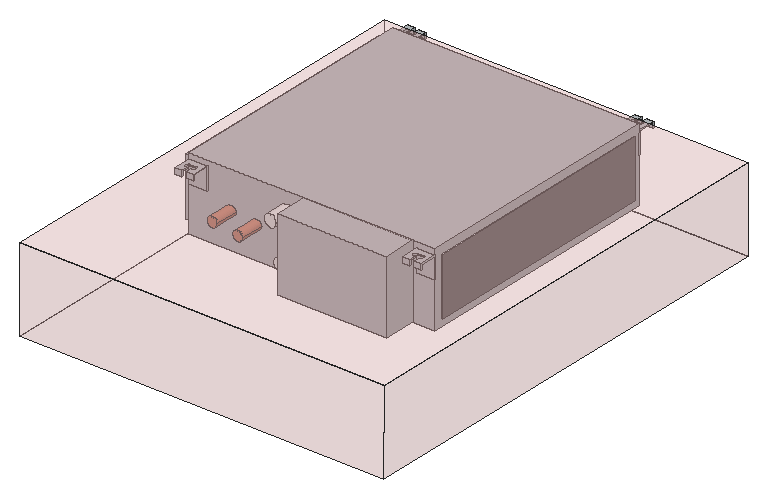
Revit family "PEFY-WP15VMS1-E_Service_Area3", category Mechanical Equipment, host Ceiling, Revit 2012
Parameters (values of type "PEFY-WP15VMS1-E_240V_60Hz")
  Description = "Ceiling concealed"
  Manufacturer = "Mitsubishi Electric Corporation"
  Model = "PEFY-WP15VMS1-E"
  Width = 790 mm
  Water Pipe_radius (To HBC Unit) = 13.2 mm
  Water Pipe_radius (From HBC Unit) = 13.2 mm
  WarrantyStart = ""
  Voltage = 240 V
  Unit Weight (kg) = 19
  URL = "http://www.mitsubishielectric.com/"
  TagNumber = 0
  Subcategory = "HVAC"
  Space View = yes
  Sound Pressure Level_Mid (dB(A)) = 24
  Sound Pressure Level_Low (dB(A)) = 22
  Sound Pressure Level_High (dB(A)) = 28
  SerialNumber = 0
  ReplacementYear = ""
  Protection Device = "Fuse"
  Phase = 1
  Maximum Circuit Ampacity (A) = 0.63
  InstallationDate = ""
  Hertz = 60 Hz
  Height = 200 mm
  Heating Power Input (kW) = 0.03
  Heating Current (A) = 0.33
  Heating Capacity (kW) = 1.9
  Fan_Type = "Sirocco fan"
  Fan_Quantity = 2
  Fan Motor Output (kW) = 0.096
  External_static_pressure (Pa) = "5-15-35-50"
  External Finish = "Galvanized steel plate"
  Equip_description = ""
  Equip_No. = 0
  Equip_ID = ""
  Drain pipe2_radius = 16 mm
  Drain pipe1_radius = 16 mm
  Description = ""
  Depth = 700 mm
  CreatedOn = ""
  CreatedBy = ""
  Cooling Power Input (kW) = 0.05
  Cooling Current (A) = 0.44
  Cooling Capacity (kW) = 1.7
  Category = ""
  Barcode = ""
  AssetIdentifier = ""
  Airflow Rate_Mid (m3/min) = 6
  Airflow Rate_Mid (m3/h) = 360
  Airflow Rate_Low (m3/min) = 5
  Airflow Rate_Low (m3/h) = 300
  Airflow Rate_High (m3/min) = 7
  Airflow Rate_High (m3/h) = 420
Types (6, lengths in mm): name | Voltage | Hertz
  PEFY-WP15VMS1-E_220V_50Hz | 220 V | 50 Hz
  PEFY-WP15VMS1-E_220V_60Hz | 220 V | 60 Hz
  PEFY-WP15VMS1-E_230V_50Hz | 230 V | 50 Hz
  PEFY-WP15VMS1-E_230V_60Hz | 230 V | 60 Hz
  PEFY-WP15VMS1-E_240V_50Hz | 240 V | 50 Hz
  PEFY-WP15VMS1-E_240V_60Hz | 240 V | 60 Hz
Reference planes
  plane 1 "Center (Front/Back)": y = 0
  plane 2: z = 0
  plane 3 "Center (Left/Right)": x = 0
  plane 4 "Ceiling": z = 4030
  plane 5: z = 4050
  plane 6: z = 4250
  plane 7: y = -875
  plane 8: y = -350
  plane 9: y = 350
  plane 10: y = 350
  plane 11: z = 4235
  plane 12: x = 325
  plane 13: x = 350
  plane 14: x = -300
  plane 15: x = -350
  plane 16: z = 4230
  plane 17: x = -57
  plane 18: z = 4202
  plane 19: z = 4080
  plane 20: x = -211
  plane 21: x = -141
  plane 22: z = 4148
  plane 23: z = 4138
  plane 24: y = -440
  plane 25: x = 350
Forms (mm)
  Extrusion 1, solid, material "Plated steel"
    sketch origin (88.259, -337.375, 3750) x (1, 0, 0) y (0, 1, 0)
      loop
        line (-415.259, 687.375) -> (-415.259, -12.625) -> (261.741, -12.625) -> (261.741, 687.375) -> (-415.259, 687.375)
    from 300 to 500
  Extrusion 2, solid, material "Service space", visible <- "Space View"
    sketch origin (-2000, 6000, 4050) x (0, 1, 0) y (1, 0, 0)
      loop
        line (-6900, 1650) -> (-5650, 1650) -> (-5650, 2650) -> (-6900, 2650) -> (-6900, 1650)
    from 20 to -210
  Extrusion 3, solid
    sketch origin (0, 0, 0) x (0, 1, 0) y (0, 0, 1)
      loop
        line (-330, 4230) -> (-330, 4071) -> (330, 4071) -> (330, 4230) -> (-330, 4230)
    from 350 to 355
  Extrusion 4, solid
    sketch origin (-350, 0, 4250) x (0, 0, 1) y (0, -1, 0)
      loop
        line (-20, 330) -> (-179, 330) -> (-179, -330) -> (-20, -330) -> (-20, 330)
    from 0 to 23
  Extrusion 5, solid
    sketch origin (794.259, -350, 3750) x (-1, 0, 0) y (0, 0, -1)
      loop
        circle (851.259, -452) r 16
    from 0 to 57
  Extrusion 6, solid
    sketch origin (794.259, -350, 3750) x (-1, 0, 0) y (0, 0, -1)
      loop
        circle (851.259, -330) r 16
    from 0 to 25
  Extrusion 7, solid
    sketch origin (794.259, -350, 3750) x (-1, 0, 0) y (0, 0, -1)
      loop
        line (505.751, -500) -> (805.751, -500) -> (805.751, -300) -> (505.751, -300) -> (505.751, -500)
    from 0 to 90
  Extrusion 8, solid
    sketch origin (794.259, -350, 3750) x (-1, 0, 0) y (0, 0, -1)
      loop
        circle (1005.259, -398) r 13.2
      loop
        circle (935.259, -388) r 13.2
    from 0 to 64
Lines and regions (mm)
  model lines, visible <- "Space View"
    curve 1: line (-400, 400, 4030) -> (377, 400, 4030)
    curve 2: line (-400, -900, 4030) -> (-400, 400, 4030)
    curve 3: line (377, -900, 4030) -> (-400, -900, 4030)
    curve 4: line (377, 400, 4030) -> (377, -900, 4030)
Dimensions and locks
  equal spacing: host sketch curve, plane 3 "Center (Left/Right)", host sketch curve
  equal spacing: host sketch curve, plane 1 "Center (Front/Back)", host sketch curve
  host sketch curve to host sketch curve = 4000 mm  (x2)
  locked: plane 4 "Ceiling" to host ceiling at 0
  Extrusion 1 to Extrusion 1 = 700 mm
  Extrusion 1 to plane 1 "Center (Front/Back)" = 350 mm
  plane 5 to Extrusion 1 = 200 mm
  plane 6 to plane 5 = 200 mm
  Extrusion 1 to plane 7 = 525 mm
  plane 4 "Ceiling" to plane 5 = 20 mm
  Extrusion 1 to Extrusion 1 = 677 mm
  plane 8 to plane 10 = 700 mm
  locked: plane 11 to plane 6 at 15
  locked: plane 16 to plane 6 at 20
  locked: Extrusion 3 to plane 16 at 159
  locked: Extrusion 4 to plane 16 at 159
  plane 6 to plane 18 to plane 19 = 48 mm locked, 122 mm locked
  locked: Extrusion 7 to Extrusion 7 at 200
  plane 6 to plane 22 to plane 23 = 102 mm locked, 10 mm locked
  plane 15 to curve 4 = 727 mm
  aligned and locked: plane 5 to Extrusion 1
  aligned and locked: Extrusion 1 to plane 6
  aligned and locked: plane 8 to Extrusion 1
  aligned and locked: plane 10 to Extrusion 1
  aligned and locked: nested 1 to Extrusion 1
  aligned and locked: nested 1 to plane 14
  aligned and locked: nested 1 to plane 11
  aligned and locked: nested 2 to plane 11
  aligned and locked: plane 11 to nested 4
  aligned and locked: plane 11 to nested 3
  aligned and locked: nested 4 to plane 10
  aligned and locked: nested 3 to plane 10
  aligned and locked: Extrusion 3 to plane 16
  aligned and locked: Extrusion 4 to plane 16
  aligned and locked: plane 8 to nested 2
  aligned and locked: plane 18 to Extrusion 5
  aligned and locked: plane 19 to Extrusion 6
  aligned and locked: Extrusion 7 to plane 6
  aligned and locked: plane 22 to Extrusion 8
  aligned and locked: plane 23 to Extrusion 8
Nested families
  nested 1: "LEG" at (-300, -376, 4235), type "LEG_28"
  nested 2: "LEG" at (325, -376, 4235), type "LEG_28"
  nested 3: "LEG" at (-300, 376, 4235), type "LEG_28"
  nested 4: "LEG" at (325, 376, 4235), type "LEG_28"
Connectors
  piping at (-57, -407, 4202), driven by "Drain pipe1_radius"
    settings: on Extrusion 5, index 1, connector radius 16 mm, flow factor 0, pipe flow 0.0 L/s, pressure drop 0.0 Pa, fitting loss kfactor 0, connector angle 0.00°, fixture units 0, engagement length 0 mm, flow configuration 0, flow direction 2, fitting loss method 0, system type 22, joint type 0, gender type 0, connector reference index -1, connector utility 0, adjustable connector no, is connector primary yes, fitting loss table "", connector description "Drain hose"
  piping at (-57, -375, 4080), driven by "Drain pipe2_radius"
    settings: on Extrusion 6, index 2, connector radius 16 mm, flow factor 0, pipe flow 0.0 L/s, pressure drop 0.0 Pa, fitting loss kfactor 0, connector angle 0.00°, fixture units 0, engagement length 0 mm, flow configuration 0, flow direction 2, fitting loss method 0, system type 22, joint type 0, gender type 0, connector reference index -1, connector utility 0, adjustable connector no, is connector primary no, fitting loss table "", connector description "Drain hose"
  piping at (-141, -414, 4138)
    settings: on Extrusion 8, index 3, connector radius 13.2 mm, flow factor 0, pipe flow 0.0 L/s, pressure drop 0.0 Pa, fitting loss kfactor 0, connector angle 0.00°, fixture units 0, engagement length 0 mm, flow configuration 0, flow direction 1, fitting loss method 0, system type 22, joint type 0, gender type 0, connector reference index -1, connector utility 0, adjustable connector no, is connector primary no, fitting loss table "", connector description "Water pipe(From HBC unit)"
  piping at (-211, -414, 4148)
    settings: on Extrusion 8, index 4, connector radius 13.2 mm, flow factor 0, pipe flow 0.0 L/s, pressure drop 0.0 Pa, fitting loss kfactor 0, connector angle 0.00°, fixture units 0, engagement length 0 mm, flow configuration 0, flow direction 2, fitting loss method 0, system type 22, joint type 0, gender type 0, connector reference index -1, connector utility 0, adjustable connector no, is connector primary no, fitting loss table "", connector description "Water pipe(To HBC unit)"
  hvac at (355, 0, 4150.5)
    settings: on Extrusion 3, index 5, duct flow 0.0 L/s, flow factor 0, pres drop 0.0 Pa, loss coef 0, conn angle 0.00°, conn width 660 mm, conn height 160 mm, conn radius 304.8 mm, duct sys type 1, conn prof type 1, flow config 0, flow direction 1, loss method 0, conn ref index -1, conn util no, is conn primary yes, conn desc "Air inlet"
  hvac at (-350, 0, 4150.5)
    settings: on Extrusion 4, index 6, duct flow 0.0 L/s, flow factor 0, pres drop 0.0 Pa, loss coef 0, conn angle 0.00°, conn width 660 mm, conn height 150 mm, conn radius 304.8 mm, duct sys type 3, conn prof type 1, flow config 0, flow direction 2, loss method 0, conn ref index -1, conn util no, is conn primary no, conn desc "Air outlet"
  electrical at (288.508, -395, 4150), driven by "Voltage", driven by "Phase"
    settings: on Extrusion 7, index 7, voltage 240 V, apparent load 0 VA, apparent load phase1 0 VA, apparent load phase2 0 VA, apparent load phase3 0 VA, power factor 1, load classification "Other", number of poles 1, system type 30, power factor state 1, is connector primary yes, connector utility no, sub classification motor no, connector description ""
Definition of nested family "LEG"
  Parameters (values of type "LEG_28")
    product distance = 28 mm
  Reference planes
    plane 1 "中心(正面/背面)": y = 0
    plane 2: z = 0
    plane 3 "中心(左/右)": x = 0
    plane 4: x = -25
    plane 5: x = 25
    plane 6: y = -23
    plane 7: y = 28
    plane 8: x = -8
    plane 9: x = 8
    plane 10: x = -6
    plane 11: x = 6
  Forms (mm)
    Extrusion 1, solid, material "Plated steel"
      sketch origin (0, 0, 0) x (1, 0, 0) y (0, 1, 0)
        loop
          line (-25, 26) -> (-25, -23) -> (25, -23) -> (25, 26) -> (-25, 26)
      from 0 to -60
    Extrusion 2, void
      sketch origin (0, 0, 0) x (0, 1, 0) y (0, 0, 1)
        loop
          line (-20.7, -2.3) -> (-20.7, -15) -> (-23, -15) -> (-23, -60) -> (24, -60) -> (24, -2.3) -> (-20.7, -2.3)
      from -25 to 25
    Extrusion 3, void
      sketch origin (0, 0, 0) x (1, 0, 0) y (0, 1, 0)
        loop
          arc (-8, 7) -> (-15, 0) -> (-8, -7) r 7
          line (-8, -7) -> (-6, -7) -> (-6, -23) -> (6, -23) -> (6, -7) -> (8, -7)
          arc (8, -7) -> (15, 0) -> (8, 7) r 7
          line (8, 7) -> (-8, 7)
      from 0 to -60
  Cuts and joins
    Extrusion 2, Extrusion 3 cuts Extrusion 1
  Dimensions and locks
    locked: Extrusion 1 sketch curve to Extrusion 1 sketch curve at 50
    equal spacing: Extrusion 1 sketch curve, plane 3 "中心(左/右)", Extrusion 1 sketch curve
    locked: plane 6 to plane 1 "中心(正面/背面)" at 23
    "product distance": plane 1 "中心(正面/背面)" to plane 7
    plane 7 to Extrusion 2 sketch curve = 4 mm
    locked: cut or joined group of Extrusion 1, Extrusion 2, Extrusion 3 to cut or joined group of Extrusion 1, Extrusion 2, Extrusion 3 at 2.3  (x2)
    aligned and locked: level to plane 2
    aligned and locked: Extrusion 2 to Extrusion 1
    aligned and locked: Extrusion 1 to Extrusion 2
    aligned and locked: Extrusion 2 sketch curve to cut or joined group of Extrusion 1, Extrusion 2, Extrusion 3  (x2)
    aligned and locked: cut or joined group of Extrusion 1, Extrusion 2, Extrusion 3 to Extrusion 3 sketch curve
    aligned and locked: plane 6 to Extrusion 1 sketch curve
  Automatic sketch dimensions
    Extrusion 2 sketch curve to plane 6 = 2.3 mm
    Extrusion 2 sketch curve to level = 15 mm
    Extrusion 2 sketch curve to level = 2.3 mm
    plane 1 "中心(正面/背面)" to Extrusion 3 sketch curve = 0 mm  (x2)
    Extrusion 3 sketch curve to plane 8 = 0 mm
    Extrusion 3 sketch curve to plane 10 = 0 mm
    Extrusion 3 sketch curve to plane 11 = 0 mm
    Extrusion 3 sketch curve to plane 9 = 0 mm  (x2)
    plane 1 "中心(正面/背面)" to Extrusion 3 sketch curve = 7 mm
    plane 7 to Extrusion 1 sketch curve = 2 mm
